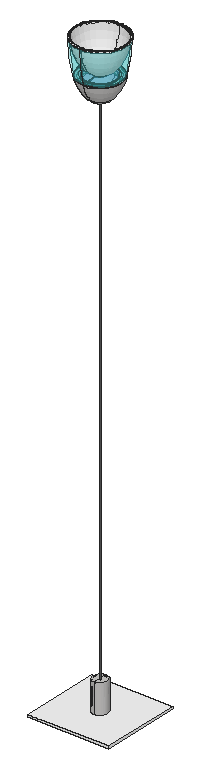
Revit family "BE_56566.2_de_DE", category Leuchten, Revit 2015
Parameters (values of type "BEGA_56566.2_K4")
  built-in parameter 1150104 = 14.855 (stored number, unit not read)
  Wattage = 17.7 W
  Default Elevation = 0 mm
  built-in parameter 1150113 = 1 (stored number, unit not read)
  built-in parameter 1114218 = 1 (stored number, unit not read)
  Umgebungstemperatur = ""
  URL = "http://www.bega.de/produkt/56566.2"
  Typenkommentare = "© 2017 BEGA. Wir behalten uns das Recht vor, technische Änderungen ohne vorherige Ankündigung vorzunehmen."  # constant formula
  built-in parameter 1150134 = 12
  built-in parameter 1150109 = 1 (stored number, unit not read)
  Strom = ""
  built-in parameter 1150110 = 1 (stored number, unit not read)
  Spannung = 239.996 V
  Sonderanfertigung = no
  Seriennummer [instance] = "Hier können Sie die eindeutige Seriennummer für das Facility Management eintragen."
  Schutzklasse = "I"
  Schutzart = "IP 20"
  Scheinlast = 0 VA
  Produktdatenblatt = "http://www.bega.de/download/Xrfa/db/56566.2.db.de.pdf"
  Oberflächentemperatur = ""
  Neigungswinkel = 0.00°
  Modell = "56566.2K4"
  Material_18 = BEGA_Gummi_schwarz
  Material_17 = BEGA_Reflektor
  Material_15 = BEGA_Leuchtmedium_matt
  Material_11 = BEGA_Glas_opal
  Material_10 = BEGA_Glas_matt
  Material_09 = BEGA_Glas_klar
  Material_06 = BEGA_Oberfläche_Edelstahl_gebürstet
  Material_05 = BEGA_Oberfläche_Aluminium Guss
  Material_03 = BEGA_Oberfläche_Weiss_matt
  Material_02 = BEGA_Oberfläche_Silber_matt
  Material_01 [instance] = BEGA_Oberfläche_Grafit_matt
  M_W = no
  M_G = no
  M_A = no
  Logo = 0
  built-in parameter 1114217 = 1 (stored number, unit not read)
  built-in parameter 1150139 = (empty or 0)
  built-in parameter 1150105 = 225.22 (stored number, unit not read)
  built-in parameter 1150114 = 1 (stored number, unit not read)
  Lumens = 2830.23 lm
  built-in parameter 1150115 = 1 (stored number, unit not read)
  Leuchtenlichtstrom = "2062 lm"
  Leuchtenanzahl = ""
  Lebensdauerkriterien = "L70B50 @ 25 °C = 400000 h"
  Lastklassifizierung = Beleuchtung
  built-in parameter 1150112 = 1 (stored number, unit not read)
  Lampenlichtstrom = "2830 lm"
  Lampe = "LED 17.7 W"
  LED_Modulbezeichnung = "LED-0327/940"
  Hersteller = "BEGA"  # constant formula
  Halbstreuwinkel = ""
  Gewicht = "3.6 kg"
  Gebrauchslageneinschränkung [instance] = ""
  Frequenz = "0/50-60 Hz"
  Farbwiedergabeindex = "Ra > 90"
  Farbtemperaturverschiebung bei Dämpfen der Lampe = <Keine Auswahl>
  Farbtemperatur = "4000 K"
  Color Filter = 16777215
  built-in parameter 1150133 = 10 (stored number, unit not read)
  Energieeffizienzklasse = "LED A++ - A"
  built-in parameter 1150137 = (empty or 0)
  built-in parameter 1150132 = (empty or 0)
  ENEC = "ja"
  Dimmbar [instance] = "DALI"
  Datei für fotometrisches Netz = "BE_56566K4.IES"
  CE_Konformität = "ja"
  Bestellnummer = "56566.2K4"
  Beschreibung_Sonderanfertigung = "Hier können Sie Informationen zur Sonderanfertigung eintragen."
  Beschreibung = "Pendelleuchte"
  built-in parameter 1150106 = 2.2522 (stored number, unit not read)
  Befestigungsbohrung = ""
  Befestigungsabstand = ""
  Ballwurfsicher = ""
  BEGA_Intern_aus = yes
  BEGA_Intern_an = yes
  BEGA_Intern_Konstruktion = yes
  BEGA_Intern = yes
  BEGA_IES = yes
  BEGA_Dummy = no
  Anschlussleitung = ""
  Anschlussleistung [instance] = "19.6 W"
  Anschlusskasten = ""
  built-in parameter 1150107 = 4000 (stored number, unit not read)
  built-in parameter 1150102 = (empty or 0)
  built-in parameter 1150138 = (empty or 0)
  Aktualisierung = "2017-09-27T04:10:59"
  Abstand_zur_angestrahlten_Fläche [instance] = ""
  AC/DC = "AC/DC"
Types (2, lengths in mm): name | built-in parameter 1150104 | built-in parameter 1150134 | Modell | built-in parameter 1150105 | Lumens | Leuchtenlichtstrom | Lampenlichtstrom | LED_Modulbezeichnung | Farbtemperatur | Datei für fotometrisches Netz | Bestellnummer | built-in parameter 1150106 | built-in parameter 1150107
  BEGA_56566.2_K3 | 14.409 (stored number, unit not read) | (empty or 0) | "56566.2" | 218.46 (stored number, unit not read) | 2745.27 lm | "2000 lm" | "2745 lm" | "LED-0327/930" | "3000 K" | "BE_56566.IES" | "56566.2" | 2.1846 (stored number, unit not read) | 3000 (stored number, unit not read)
  BEGA_56566.2_K4 | 14.855 (stored number, unit not read) | 12 | "56566.2K4" | 225.22 (stored number, unit not read) | 2830.23 lm | "2062 lm" | "2830 lm" | "LED-0327/940" | "4000 K" | "BE_56566K4.IES" | "56566.2K4" | 2.2522 (stored number, unit not read) | 4000 (stored number, unit not read)
Reference planes
  plane 1 "Mitte (Vorne/Hinten)": y = 0
  plane 2: z = 0
  plane 3 "Mitte (Links/Rechts)": x = 0
  plane 4 "Links": x = -128
  plane 5 "Rechts": x = 128
  plane 6 "Unten": y = -128
  plane 7 "Oben": y = 128
  plane 8 "Vorne": z = 3000
  plane 9 "Hinten": z = 0
Forms (mm)
  Extrusion 1, solid, material "BEGA_Platte_Weiss"
    sketch origin (0, -1119.2, 0) x (1, 0, 0) y (0, 1, 0)
      loop
        line (-200, 1319.2) -> (-200, 919.2) -> (200, 919.2) -> (200, 1319.2) -> (-200, 1319.2)
    from 0 to -10
  Extrusion 2, solid, material "BEGA_Dummy_matt", visible <- "BEGA_Dummy"
    sketch origin (77.149, -76.023, 0) x (1, 0, 0) y (0, 1, 0)
      loop
        circle (-77.149, 76.023) r 128
    from 0 to 2999.018
Dimensions and locks
  plane 1 "Mitte (Vorne/Hinten)" to Extrusion 1 = 200 mm
  aligned and locked: plane 2 to Extrusion 1
  aligned and locked: level to Extrusion 1
Nested families
  nested 1: "BE_56566.2" at (0, 0, 0), type "BE_56566.2"
Connectors
  electrical at (0, 0, 0), driven by "Lastklassifizierung", driven by "Spannung", driven by "Scheinlast"
    settings: index 1, voltage 239.996 V, apparent load 0 VA, apparent load phase1 0 VA, apparent load phase2 0 VA, apparent load phase3 0 VA, power factor 1, load classification "Beleuchtung", number of poles 1, system type 31, power factor state 1, is connector primary yes, connector utility no, sub classification motor no, connector description ""
Definition of nested family "BE_56566.2"
  Parameters (values of type "BE_56566.2")
    Default Elevation = 1 mm
    URL = "http://www.bega.de/de/produkt"
    Type Comments = "© 2015 BEGA. Wir behalten uns das Recht vor, technische Änderungen ohne vorherige Ankündigung vorzunehmen. "  # constant formula
    Type Image = (empty or 0)
    Neigungswinkel_um_Z2 = 0.00°
    Neigungswinkel_um_Z1 = 0.00°
    Neigungswinkel_um_Y2 = 0.00°
    Neigungswinkel_um_Y1 = 0.00°
    Neigungswinkel_um_X2 = 0.00°
    Neigungswinkel_um_X1 = 0.00°
    Material_18 = none
    Material_17 = none
    Material_15 = none
    Material_11 = none
    Material_10 = none
    Material_09 = none
    Material_06 = none
    Material_05 = none
    Material_03 = none
    Material_02 = none
    Material_01 = none
    M_W = yes
    M_G = yes
    M_A = yes
    Länge_Platte = 300 mm  # constant formula
    Höhe_Platte = -10 mm  # constant formula
    Manufacturer = "BEGA"  # constant formula
    Drehwinkel_um_Z2 = 0.00°
    Drehwinkel_um_Z1 = 0.00°
    Breite_Platte = 300 mm  # constant formula
  Reference planes
    plane 1 "Mitte (Oben/Unten)": y = 0
    plane 2: z = 0
    plane 3 "Mitte (Links/Rechts)": x = 0
    plane 4: z = 3000
    plane 5: y = -128
    plane 6: y = 128
    plane 7: x = -128
    plane 8: x = 128
  Forms (mm)
    Extrusion 1, solid, detail levels medium
      sketch origin (0, 0, 0) x (1, 0, 0) y (0, 1, 0)
        loop
          line (-150, 150) -> (-150, -150) -> (150, -150) -> (150, 150) -> (-150, 150)
      from 0 to -10 <- "Höhe_Platte"
    Revolve 2, solid, material <- "Material_06", detail levels medium+fine
      sketch origin (0, 0, 0) x (0, 1, 0) y (0, 0, 1)
        loop
          line (-36.248, 0.5) -> (-34, 0.5) -> (-34, 2.676) -> (-32.481, 2.729) -> (-31.3, 138.025)
          arc (-31.3, 138.025) -> (-30.705, 139.423) -> (-29.3, 140) r 2
          line (-29.3, 140) -> (0, 140) -> (0, 143.501)
          arc (0, 143.501) -> (-17.512, 143.245) -> (-35.009, 142.479) r 600
          line (-35.009, 142.479) -> (-36.248, 0.5)
        axis (0, 0.5) -> (0, 143.501)
      angle from 0 to 360
    Revolve 3, solid, material <- "Material_05", detail levels medium+fine
      sketch origin (0, 0, 0) x (0, 1, 0) y (0, 0, 1)
        loop
          line (-32.14, 2) -> (-32.175, 1) -> (-33.765, 1) -> (-33.8, 0) -> (0, 0) -> (0, 2) -> (-32.14, 2)
        axis (0, 0) -> (0, 2)
      angle from 0 to 360
    Extrusion 4, void
      sketch origin (0, 0, 0) x (1, 0, 0) y (0, 1, 0)
        loop
          arc (-9.887, 12.652) -> (-16.053, -0.003) -> (-9.876, -12.652) r 16.053
          line (-9.876, -12.652) -> (9.484, -12.652)
          arc (9.484, -12.652) -> (15.815, -0.003) -> (9.495, 12.652) r 15.815
          line (9.495, 12.652) -> (-9.887, 12.652)
        loop
          circle (-0.016, 25) r 2.25
        loop
          circle (-0.016, -25) r 2.25
      from 0 to 3.541
    Revolve 5, solid, material <- "Material_03", detail levels medium+fine
      sketch origin (0, 0, 0) x (0, 1, 0) y (0, 0, 1)
        loop
          line (-30.9, 2836) -> (-30.9, 2841.321)
          arc (-30.9, 2841.321) -> (-31.071, 2841.881) -> (-31.527, 2842.249) r 1
          spline (-31.527, 2842.249) -> (-43.213, 2847.91) -> (-54.427, 2855.306) -> (-65.049, 2864.357) -> (-74.96, 2874.962) -> (-84.055, 2887.008) -> (-92.233, 2900.361) -> (-99.405, 2914.878) -> (-105.493, 2930.399) -> (-110.431, 2946.755) -> (-114.165, 2963.768) -> (-116.654, 2981.253) -> (-117.871, 2999.018)
          arc (-117.871, 2999.018) -> (-118.17, 2999.713) -> (-118.871, 3000) r 1
          line (-118.871, 3000) -> (-127, 3000)
          arc (-127, 3000) -> (-127.707, 2999.707) -> (-128, 2999) r 1
          line (-128, 2999) -> (-128, 2997) -> (-127, 2997) -> (-127, 2999) -> (-118.871, 2999)
          spline (-118.871, 2999) -> (-117.692, 2981.21) -> (-115.239, 2963.696) -> (-111.544, 2946.647) -> (-106.638, 2930.253) -> (-100.569, 2914.689) -> (-93.413, 2900.117) -> (-85.246, 2886.696) -> (-76.146, 2874.582) -> (-66.213, 2863.903) -> (-55.553, 2854.778) -> (-44.281, 2847.307) -> (-32.521, 2841.573)
          arc (-32.521, 2841.573) -> (-32.07, 2841.206) -> (-31.9, 2840.649) r 1
          line (-31.9, 2840.649) -> (-31.9, 2836) -> (-30.9, 2836)
        axis (0, 2836) -> (0, 3000)
      angle from 0 to 360
    Revolve 6, solid, material <- "Material_09", detail levels medium+fine
      sketch origin (0, 0, 0) x (0, 1, 0) y (0, 0, 1)
        loop
          arc (-126.921, 2999.061) -> (-120.726, 2912.11) -> (-105.219, 2826.329) r 809.653
          line (-105.219, 2826.329) -> (-89.395, 2825.5) -> (-84, 2798.5) -> (-77.5, 2798.5) -> (-77.5, 2823.246)
          arc (-77.5, 2823.246) -> (-79.434, 2828.071) -> (-84.161, 2830.233) r 7
          line (-84.161, 2830.233) -> (-101.224, 2831.127)
          arc (-101.224, 2831.127) -> (-102.435, 2831.604) -> (-103.114, 2832.715) r 2.049
          arc (-103.114, 2832.715) -> (-117.601, 2915.359) -> (-123.42, 2999.061) r 806.153
          line (-123.42, 2999.061) -> (-126.921, 2999.061)
        axis (0, 2798.5) -> (0, 2999.061)
      angle from 0 to 360
    Revolve 7, solid, material <- "Material_06", detail levels medium+fine
      sketch origin (0, 0, 0) x (0, 1, 0) y (0, 0, 1)
        loop
          line (-3.7, 2712.069) -> (0, 2712.069) -> (0, 2715.881)
          arc (0, 2715.881) -> (-32.242, 2723.778) -> (-58.476, 2744.117) r 79.749
          arc (-58.476, 2744.117) -> (-84.146, 2782.487) -> (-100.65, 2825.6) r 206.504
          line (-100.65, 2825.6) -> (-104.78, 2825.6)
          arc (-104.78, 2825.6) -> (-87.936, 2781.108) -> (-61.532, 2741.535) r 210.504
          arc (-61.532, 2741.535) -> (-35.586, 2720.972) -> (-3.7, 2712.069) r 83.749
        axis (0, 2712.069) -> (0, 2825.6)
      angle from 0 to 360
    Revolve 8, solid, material <- "Material_18", detail levels medium+fine
      sketch origin (0, 0, 0) x (0, 1, 0) y (0, 0, 1)
        loop
          line (-2.51, 118.995) -> (0, 118.995) -> (0, 2746.921) -> (-2.51, 2746.921) -> (-2.51, 118.995)
        axis (0, 2746.921) -> (0, 118.995)
      angle from 0 to 360
    Revolve 9, solid, material <- "Material_10", detail levels medium+fine
      sketch origin (0, 0, 0) x (0, 1, 0) y (0, 0, 1)
        loop
          line (0, 2836.014) -> (0, 2851.013)
          arc (0, 2851.013) -> (-15.11, 2849.171) -> (-29.334, 2843.75) r 62.86
          arc (-29.334, 2843.75) -> (-30.098, 2843.055) -> (-30.413, 2842.071) r 2
          line (-30.413, 2842.071) -> (-30.705, 2836.491)
          arc (-30.705, 2836.491) -> (-30.975, 2835.855) -> (-31.594, 2835.546) r 1
          line (-31.594, 2835.546) -> (-76.548, 2830.821) -> (-77, 2822.2) -> (-72.994, 2822.2) -> (-72.732, 2827.2) -> (-27.778, 2831.925)
          arc (-27.778, 2831.925) -> (-27.162, 2832.232) -> (-26.89, 2832.864) r 1
          line (-26.89, 2832.864) -> (-26.774, 2835.067)
          arc (-26.774, 2835.067) -> (-26.464, 2835.739) -> (-25.776, 2836.014) r 1
          line (-25.776, 2836.014) -> (0, 2836.014)
        axis (0, 2851.013) -> (0, 2822.2)
      angle from 0 to 360
  Cuts and joins
    Extrusion 4 cuts Revolve 3
  Dimensions and locks
    equal spacing: Extrusion 1 sketch curve, plane 3 "Mitte (Links/Rechts)", Extrusion 1 sketch curve
    equal spacing: Extrusion 1 sketch curve, plane 1 "Mitte (Oben/Unten)", Extrusion 1 sketch curve
    "Länge_Platte": Extrusion 1 sketch curve to Extrusion 1 sketch curve
    "Breite_Platte": Extrusion 1 sketch curve to Extrusion 1 sketch curve
    aligned and locked: Extrusion 1 to plane 2
    aligned and locked: level to Extrusion 1
  Automatic sketch dimensions
    Revolve 3 sketch curve to plane 1 "Mitte (Oben/Unten)" = 0 mm  (x2)
    Revolve 3 sketch curve to level = 0 mm  (x2)
    plane 1 "Mitte (Oben/Unten)" to Revolve 3 sketch curve = 32.14 mm
    Revolve 3 sketch curve to Revolve 3 sketch curve = 2.125 mm
    Revolve 3 sketch curve to Revolve 3 sketch curve = 0.035 mm  (x2)
    Revolve 3 sketch curve to Revolve 3 sketch curve = 1.59 mm
    level to Revolve 3 sketch curve = 1 mm
    Revolve 3 sketch curve to Revolve 3 sketch curve = 2 mm
    Extrusion 4 sketch curve to Extrusion 4 sketch curve = 0 mm  (x2)
    Extrusion 4 sketch curve to plane 3 "Mitte (Links/Rechts)" = 0 mm
    Extrusion 4 sketch curve to plane 3 "Mitte (Links/Rechts)" = 0.016 mm  (x2)
    Extrusion 4 sketch curve to plane 3 "Mitte (Links/Rechts)" = 9.876 mm
    Extrusion 4 sketch curve to plane 3 "Mitte (Links/Rechts)" = 9.887 mm
    plane 3 "Mitte (Links/Rechts)" to Extrusion 4 sketch curve = 9.484 mm
    plane 1 "Mitte (Oben/Unten)" to Extrusion 4 sketch curve = 25 mm
    Extrusion 4 sketch curve to plane 1 "Mitte (Oben/Unten)" = 0.004 mm
    Extrusion 4 sketch curve to Extrusion 4 sketch curve = 12.348 mm
    plane 1 "Mitte (Oben/Unten)" to Extrusion 4 sketch curve = 12.652 mm
    Revolve 2 sketch curve to plane 1 "Mitte (Oben/Unten)" = 0 mm  (x2)
    plane 1 "Mitte (Oben/Unten)" to Revolve 2 sketch curve = 29.3 mm
    Revolve 2 sketch curve to Revolve 2 sketch curve = 2 mm
    level to Revolve 2 sketch curve = 2.729 mm
    plane 1 "Mitte (Oben/Unten)" to Revolve 2 sketch curve = 32.481 mm
    Revolve 2 sketch curve to Revolve 2 sketch curve = 1.52 mm
    Revolve 2 sketch curve to Revolve 2 sketch curve = 3.709 mm
    level to Revolve 2 sketch curve = 0.5 mm
    Revolve 2 sketch curve to Revolve 2 sketch curve = 2.248 mm
    Revolve 2 sketch curve to level = 456.499 mm
    Revolve 2 sketch curve to Revolve 2 sketch curve = 0.053 mm
    Revolve 2 sketch curve to Revolve 2 sketch curve = 135.271 mm
    Revolve 2 sketch curve to Revolve 2 sketch curve = 0.025 mm
    Revolve 2 sketch curve to Revolve 2 sketch curve = 0 mm  (x4)
    Revolve 2 sketch curve to Revolve 2 sketch curve = 4.454 mm
    Revolve 2 sketch curve to Revolve 2 sketch curve = 46.562 mm
    Revolve 8 sketch curve to plane 1 "Mitte (Oben/Unten)" = 0 mm  (x2)
    Revolve 8 sketch curve to Revolve 8 sketch curve = 2.51 mm
    level to Revolve 8 sketch curve = 118.995 mm
    Revolve 8 sketch curve to Revolve 8 sketch curve = 50 mm
    Revolve 8 sketch curve to Revolve 8 sketch curve = 1452.926 mm
    Revolve 7 sketch curve to Revolve 7 sketch curve = 0 mm  (x6)
    Revolve 7 sketch curve to plane 1 "Mitte (Oben/Unten)" = 0 mm  (x2)
    plane 1 "Mitte (Oben/Unten)" to Revolve 7 sketch curve = 3.7 mm
    Revolve 7 sketch curve to Revolve 7 sketch curve = 4.13 mm
    Revolve 7 sketch curve to plane 1 "Mitte (Oben/Unten)" = 2.435 mm
    Revolve 7 sketch curve to Revolve 7 sketch curve = 3.812 mm
    Revolve 7 sketch curve to Revolve 7 sketch curve = 79.711 mm
    Revolve 7 sketch curve to Revolve 7 sketch curve = 30.008 mm
    Revolve 7 sketch curve to Revolve 7 sketch curve = 81.816 mm
    Revolve 7 sketch curve to Revolve 7 sketch curve = 26.188 mm
    Revolve 6 sketch curve to Revolve 6 sketch curve = 0 mm  (x4)
    Revolve 6 sketch curve to plane 1 "Mitte (Oben/Unten)" = 0 mm
    Revolve 6 sketch curve to Revolve 6 sketch curve = 6.5 mm
    Revolve 6 sketch curve to Revolve 6 sketch curve = 6.661 mm
    Revolve 6 sketch curve to Revolve 6 sketch curve = 0.339 mm
    Revolve 6 sketch curve to Revolve 6 sketch curve = 4.895 mm
    Revolve 6 sketch curve to Revolve 6 sketch curve = 0.107 mm
    Revolve 6 sketch curve to Revolve 6 sketch curve = 3.995 mm
    Revolve 6 sketch curve to Revolve 6 sketch curve = 3.501 mm
    Revolve 6 sketch curve to Revolve 6 sketch curve = 24.741 mm
    Revolve 6 sketch curve to Revolve 6 sketch curve = 0.005 mm
    Revolve 6 sketch curve to Revolve 6 sketch curve = 2.259 mm
    Revolve 6 sketch curve to Revolve 6 sketch curve = 0.829 mm
    Revolve 6 sketch curve to Revolve 6 sketch curve = 4.798 mm
    Revolve 6 sketch curve to Revolve 6 sketch curve = 2.047 mm
    Revolve 6 sketch curve to Revolve 6 sketch curve = 165.887 mm
    Revolve 6 sketch curve to Revolve 6 sketch curve = 11.255 mm
    Revolve 6 sketch curve to Revolve 6 sketch curve = 40 mm
    Revolve 9 sketch curve to plane 1 "Mitte (Oben/Unten)" = 0 mm  (x2)
    Revolve 9 sketch curve to Revolve 9 sketch curve = 8.164 mm
    Revolve 9 sketch curve to Revolve 9 sketch curve = 2.431 mm
    plane 1 "Mitte (Oben/Unten)" to Revolve 9 sketch curve = 0.001 mm
    Revolve 9 sketch curve to Revolve 9 sketch curve = 47.861 mm
    plane 1 "Mitte (Oben/Unten)" to Revolve 9 sketch curve = 29.334 mm
    Revolve 9 sketch curve to Revolve 9 sketch curve = 0.919 mm
    Revolve 9 sketch curve to Revolve 9 sketch curve = 1.776 mm
    Revolve 9 sketch curve to Revolve 9 sketch curve = 1.078 mm
    Revolve 9 sketch curve to Revolve 9 sketch curve = 2.639 mm
    Revolve 9 sketch curve to Revolve 9 sketch curve = 4.406 mm
    Revolve 9 sketch curve to Revolve 9 sketch curve = 4.929 mm
    Revolve 9 sketch curve to Revolve 9 sketch curve = 0.477 mm
    Revolve 9 sketch curve to Revolve 9 sketch curve = 1 mm
    Revolve 9 sketch curve to Revolve 9 sketch curve = 0.999 mm  (x3)
    Revolve 9 sketch curve to Revolve 9 sketch curve = 0.115 mm
    Revolve 9 sketch curve to Revolve 9 sketch curve = 2.203 mm
    Revolve 9 sketch curve to Revolve 9 sketch curve = 0.055 mm
    Revolve 9 sketch curve to Revolve 9 sketch curve = 0.111 mm
    Revolve 9 sketch curve to Revolve 9 sketch curve = 0.049 mm
    Revolve 9 sketch curve to Revolve 9 sketch curve = 0.11 mm
    Revolve 9 sketch curve to Revolve 9 sketch curve = 3.816 mm
    Revolve 9 sketch curve to Revolve 9 sketch curve = 3.621 mm
    Revolve 9 sketch curve to Revolve 9 sketch curve = 4.268 mm
    Revolve 9 sketch curve to Revolve 9 sketch curve = 4.005 mm
    Revolve 9 sketch curve to Revolve 9 sketch curve = 5 mm
    Revolve 9 sketch curve to Revolve 9 sketch curve = 13.346 mm
    Revolve 5 sketch curve to plane 1 "Mitte (Oben/Unten)" = 0 mm  (x2)
    plane 1 "Mitte (Oben/Unten)" to Revolve 5 sketch curve = 30.9 mm
    Revolve 5 sketch curve to Revolve 5 sketch curve = 1 mm  (x4)
    Revolve 5 sketch curve to Revolve 5 sketch curve = 0.621 mm
    Revolve 5 sketch curve to Revolve 5 sketch curve = 0.379 mm
    Revolve 5 sketch curve to Revolve 5 sketch curve = 0 mm  (x4)
    Revolve 5 sketch curve to Revolve 5 sketch curve = 8.129 mm
    Revolve 5 sketch curve to Revolve 5 sketch curve = 4.648 mm
    Revolve 5 sketch curve to Revolve 5 sketch curve = 0.001 mm
    Revolve 5 sketch curve to Revolve 5 sketch curve = 0.671 mm
    Revolve 5 sketch curve to Revolve 5 sketch curve = 157.427 mm
    Revolve 5 sketch curve to Revolve 5 sketch curve = 0.373 mm
    Revolve 5 sketch curve to Revolve 5 sketch curve = 19.168 mm
    Revolve 5 sketch curve to Revolve 5 sketch curve = 66.252 mm
    Revolve 5 sketch curve to Revolve 5 sketch curve = 2 mm
    Revolve 5 sketch curve to Revolve 5 sketch curve = 80.259 mm
    level to Revolve 5 sketch curve = 2836 mm
    level to Revolve 6 sketch curve = 2798.5 mm
    level to Revolve 7 sketch curve = 2712.069 mm
    Revolve 8 sketch curve to Revolve 8 sketch curve = 2627.926 mm
    level to Revolve 9 sketch curve = 2788.153 mm
    Revolve 5 sketch curve to plane 5 = 0 mm
    plane 5 to Revolve 6 sketch curve = 50.5 mm
    Revolve 6 sketch curve to Revolve 6 sketch curve = 11.722 mm
    plane 5 to Revolve 6 sketch curve = 4.58 mm
    plane 5 to Revolve 7 sketch curve = 27.35 mm
    Revolve 9 sketch curve to Revolve 9 sketch curve = 41.139 mm
    plane 4 to Revolve 6 sketch curve = 13.04 mm
    plane 6 to Revolve 7 sketch curve = 28.751 mm
    radius of Extrusion 4 sketch curve = 2.25 mm  (x2)
